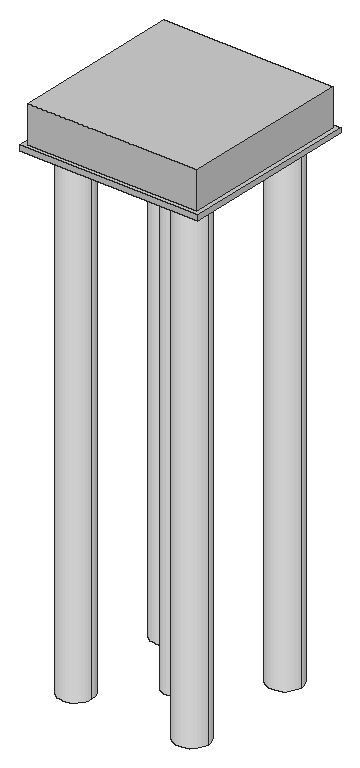
Revit family "BS_FM_Đài Móng - 5 cọc", category Structural Foundations, Revit 2019
Family settings
  Material for Model Behavior = Concrete
  Cap = No
  OmniClass Number = 23.25.05.11
  OmniClass Title = Foundation Piles
  Work Plane-Based = No
  Always vertical = Yes
  Cut with Voids When Loaded = No
  Shared = No
Parameters (values of type "1000 x 1000 x 900mm")
  h_BaoVe [instance] = 120 mm
  a2_BaoVe [instance] = 100 mm
  a1_BaoVe [instance] = 100 mm
  Width = B + 2 * KhoangCachMepCoc + Diameter  # 4128.427 mm
  Structural Material [instance] = Concrete, Cast-in-Place gray
  Length = B + 2 * KhoangCachMepCoc + Diameter  # 4128.427 mm
  KhoangCachMepCoc = 250 mm
  KhoangCach2TimCoc = HeSoCoc * Diameter  # 2000 mm
  HeSoCoc = 2.5
  Foundation Thickness = 900 mm
  Diameter = 800 mm
  Depth = 12000 mm
  Cut-off = 150 mm
  BS_Cọc Vuông = no
  BS_Cọc Tròn = yes
  BS_BeTongMong = @BS-BeTongCotThep
  BS_BeTongLot = @BS-BeTong
  BS_BeTongCoc = Steel, 45-345
  B = 2 * KhoangCach2TimCoc * cos(45.00°)  # 2828.427 mm
  Assembly Code = "A1010130"
Reference planes
  plane 1 "Center (Front/Back)": y = 0
  plane 2: z = 0
  plane 3 "Center (Left/Right)": x = 0
  plane 4: x = -2064.214
  plane 5: x = 2064.214
  plane 6: y = 2064.214
  plane 7: y = -2064.214
  plane 8: z = -900
  plane 9: z = -750
  plane 10: z = -1020
  plane 11: y = 1414.214
  plane 12: y = -1414.214
  plane 13 "2": x = -1414.214
  plane 14 "3": x = 1414.214
Forms (mm)
  Extrusion 1, solid, material "@BS-BeTongCotThep" <- "BS_BeTongMong"
    sketch origin (0, 0, 0) x (1, 0, 0) y (0, 1, 0)
      loop
        line (-2064.214, 2064.214) -> (-2064.214, -2064.214) -> (2064.214, -2064.214) -> (2064.214, 2064.214) -> (-2064.214, 2064.214)
    from -900 to 0
  Extrusion 2, solid, material "@BS-BeTong" <- "BS_BeTongLot"
    sketch origin (0, 0, 0) x (1, 0, 0) y (0, 1, 0)
      loop
        line (-2164.214, 2164.214) -> (-2164.214, -2164.214) -> (2164.214, -2164.214) -> (2164.214, 2164.214) -> (-2164.214, 2164.214)
    from -1020 to -900
Dimensions and locks
  "Foundation Thickness": plane 2 to plane 8
  "Cut-off": plane 9 to plane 8
  "a2_BaoVe": plane 7 to Extrusion 2 sketch curve
  "a2_BaoVe": Extrusion 2 sketch curve to plane 6
  "a1_BaoVe": Extrusion 2 sketch curve to plane 4
  "a1_BaoVe": Extrusion 1 to Extrusion 2 sketch curve
  "h_BaoVe": plane 10 to plane 8
  equal spacing: plane 11, plane 1 "Center (Front/Back)", plane 12
  equal spacing: plane 7, plane 1 "Center (Front/Back)", plane 6
  equal spacing: plane 13 "2", plane 3 "Center (Left/Right)", plane 14 "3"
  equal spacing: plane 4, plane 3 "Center (Left/Right)", plane 5
  "B": plane 11 to plane 12
  "B": plane 13 "2" to plane 14 "3"
  "Width": plane 4 to plane 5
  "Length": plane 6 to plane 7
  aligned and locked: plane 4 to Extrusion 1 sketch curve
  aligned and locked: Extrusion 1 sketch curve to plane 5
  aligned and locked: Extrusion 1 sketch curve to plane 6
  aligned and locked: plane 7 to Extrusion 1 sketch curve
  aligned and locked: level to Extrusion 1
  aligned and locked: Extrusion 1 to plane 8
  aligned and locked: Extrusion 2 to Extrusion 1
  aligned and locked: Extrusion 2 to plane 10
  aligned and locked: nested 1 to plane 11
  aligned and locked: plane 13 "2" to nested 1
  aligned and locked: plane 14 "3" to nested 3
  aligned and locked: nested 3 to plane 11
  aligned and locked: plane 14 "3" to nested 4
  aligned and locked: nested 4 to plane 12
  aligned and locked: nested 2 to plane 12
  aligned and locked: plane 13 "2" to nested 2
  aligned and locked: plane 3 "Center (Left/Right)" to nested 5
  aligned and locked: plane 1 "Center (Front/Back)" to nested 5
  aligned and locked: nested 6 to plane 8
  aligned and locked: nested 7 to plane 8
  aligned and locked: plane 8 to nested 10
  aligned and locked: plane 8 to nested 8
  aligned and locked: plane 8 to nested 9
  aligned and locked: nested 6 to plane 11
  aligned and locked: nested 8 to plane 11
  aligned and locked: nested 7 to plane 12
  aligned and locked: nested 9 to plane 12
  aligned and locked: plane 1 "Center (Front/Back)" to nested 10
  aligned and locked: plane 13 "2" to nested 7
  aligned and locked: plane 13 "2" to nested 6
  aligned and locked: plane 14 "3" to nested 8
  aligned and locked: plane 14 "3" to nested 9
  aligned and locked: plane 3 "Center (Left/Right)" to nested 10
  aligned and locked: plane 8 to nested 1
  aligned and locked: plane 8 to nested 3
  aligned and locked: plane 8 to nested 5
  aligned and locked: nested 2 to plane 8
  aligned and locked: nested 4 to plane 8
Nested families
  nested 1: "BS_FM_Pile-Cọc Tròn" at (-1414.214, 1414.214, -900), Minimum Embedment <- "Cut-off", Diameter <- "Diameter", Depth <- "Depth", Structural Material <- "BS_BeTongCoc", visible <- "BS_Cọc Tròn", type "300mm Diameter"
    with Structural Material Steel, 45-345, Radius 400 mm, Minimum Embedment 150 mm, Diameter 800 mm, Depth 12000 mm
  nested 2: "BS_FM_Pile-Cọc Tròn" at (-1414.214, -1414.214, -900), Minimum Embedment <- "Cut-off", Diameter <- "Diameter", Depth <- "Depth", Structural Material <- "BS_BeTongCoc", visible <- "BS_Cọc Tròn", type "300mm Diameter"
    with Structural Material Steel, 45-345, Radius 400 mm, Minimum Embedment 150 mm, Diameter 800 mm, Depth 12000 mm
  nested 3: "BS_FM_Pile-Cọc Tròn" at (1414.214, 1414.214, -900), Minimum Embedment <- "Cut-off", Diameter <- "Diameter", Depth <- "Depth", Structural Material <- "BS_BeTongCoc", visible <- "BS_Cọc Tròn", type "300mm Diameter"
    with Structural Material Steel, 45-345, Radius 400 mm, Minimum Embedment 150 mm, Diameter 800 mm, Depth 12000 mm
  nested 4: "BS_FM_Pile-Cọc Tròn" at (1414.214, -1414.214, -900), Minimum Embedment <- "Cut-off", Diameter <- "Diameter", Depth <- "Depth", Structural Material <- "BS_BeTongCoc", visible <- "BS_Cọc Tròn", type "300mm Diameter"
    with Structural Material Steel, 45-345, Radius 400 mm, Minimum Embedment 150 mm, Diameter 800 mm, Depth 12000 mm
  nested 5: "BS_FM_Pile-Cọc Tròn" at (0, 0, -900), Minimum Embedment <- "Cut-off", Diameter <- "Diameter", Depth <- "Depth", Structural Material <- "BS_BeTongCoc", visible <- "BS_Cọc Tròn", type "300mm Diameter"
    with Structural Material Steel, 45-345, Radius 400 mm, Minimum Embedment 150 mm, Diameter 800 mm, Depth 12000 mm
  nested 6: "BS_FM_Pile-Cọc Vuông" at (-1414.214, 1414.214, -900), Minimum Embedment <- "Cut-off", Diameter <- "Diameter", Depth <- "Depth", Structural Material <- "BS_BeTongCoc", visible <- "BS_Cọc Vuông", type "250mm Diameter"
    with Structural Material Steel, 45-345, Radius 400 mm, Minimum Embedment 150 mm, Diameter 800 mm, Depth 12000 mm
  nested 7: "BS_FM_Pile-Cọc Vuông" at (-1414.214, -1414.214, -900), Minimum Embedment <- "Cut-off", Diameter <- "Diameter", Depth <- "Depth", Structural Material <- "BS_BeTongCoc", visible <- "BS_Cọc Vuông", type "250mm Diameter"
    with Structural Material Steel, 45-345, Radius 400 mm, Minimum Embedment 150 mm, Diameter 800 mm, Depth 12000 mm
  nested 8: "BS_FM_Pile-Cọc Vuông" at (1414.214, 1414.214, -900), Minimum Embedment <- "Cut-off", Diameter <- "Diameter", Depth <- "Depth", Structural Material <- "BS_BeTongCoc", visible <- "BS_Cọc Vuông", type "250mm Diameter"
    with Structural Material Steel, 45-345, Radius 400 mm, Minimum Embedment 150 mm, Diameter 800 mm, Depth 12000 mm
  nested 9: "BS_FM_Pile-Cọc Vuông" at (1414.214, -1414.214, -900), Minimum Embedment <- "Cut-off", Diameter <- "Diameter", Depth <- "Depth", Structural Material <- "BS_BeTongCoc", visible <- "BS_Cọc Vuông", type "250mm Diameter"
    with Structural Material Steel, 45-345, Radius 400 mm, Minimum Embedment 150 mm, Diameter 800 mm, Depth 12000 mm
  nested 10: "BS_FM_Pile-Cọc Vuông" at (0, 0, -900), Minimum Embedment <- "Cut-off", Diameter <- "Diameter", Depth <- "Depth", Structural Material <- "BS_BeTongCoc", visible <- "BS_Cọc Vuông", type "250mm Diameter"
    with Structural Material Steel, 45-345, Radius 400 mm, Minimum Embedment 150 mm, Diameter 800 mm, Depth 12000 mm
Definition of nested family "BS_FM_Pile-Cọc Tròn"
  Parameters (values of type "600mm Diameter")
    Structural Material [instance] = none
    Radius [instance] = Diameter / 2  # 300 mm
    Minimum Embedment [instance] = 152 mm
    Diameter [instance] = 600 mm
    Depth [instance] = 6000 mm
    Assembly Code = "A1020130"
  Types (4): name
    600mm Diameter
    300mm Diameter
    400mm Diameter
    500mm Diameter
  Reference planes
    plane 1 "Center (Front/Back)": y = 0
    plane 2: z = 0
    plane 3 "Center (Left/Right)": x = 0
    plane 4: z = -6000
    plane 5: z = 152
  Forms (mm)
    Extrusion 1, solid, material <- "Structural Material"
      sketch origin (0, 0, 0) x (1, 0, 0) y (0, 1, 0)
        loop
          circle (0, 0) r 300
      from -6000 to 152
  Dimensions and locks
    "Depth": plane 2 to plane 4
    "Minimum Embedment": plane 5 to plane 2
    "Radius": radius of Extrusion 1 sketch curve
    aligned and locked: Extrusion 1 to plane 4
    aligned and locked: Extrusion 1 to plane 5
    aligned and locked: plane 1 "Center (Front/Back)" to nested 1
    aligned and locked: plane 3 "Center (Left/Right)" to nested 1
  Automatic sketch dimensions
    plane 1 "Center (Front/Back)" to Extrusion 1 sketch curve = 0 mm
    Extrusion 1 sketch curve to plane 3 "Center (Left/Right)" = 0 mm
  Nested families
    nested 1: "BS_LINE_TimCoc" at (0, 0, 0), type "BS_LINE_TimCoc"
      with LINE 700 mm, DK 600 mm
  Definition of nested family "BS_LINE_TimCoc"
    Parameters (values of type "BS_LINE_TimCoc")
      LINE = DK + 100 mm  # 780 mm
      DK = 680 mm
    Reference planes
      plane 1 "Center (Front/Back)": y = 0
      plane 2: z = 0
      plane 3 "Center (Left/Right)": x = 0
    Lines and regions (mm)
      detail lines, in view "Ref. Level", not visible
        curve 1: circle (0, 0, 0) r 340 normal (0, 0, 1)
      detail lines, in view "Ref. Level"
        curve 2: line (-390, 0, 0) -> (390, 0, 0)
        curve 3: line (0, 390, 0) -> (0, -390, 0)
    Dimensions and locks
      equal spacing: curve 2, plane 3 "Center (Left/Right)", curve 2
      equal spacing: curve 3, plane 1 "Center (Front/Back)", curve 3
      "LINE": curve 3 to curve 3
      "LINE": curve 2 to curve 2
      "DK": diameter of curve 1
    Automatic sketch dimensions
      curve 3 to plane 3 "Center (Left/Right)" = 0 mm
      plane 1 "Center (Front/Back)" to curve 1 = 0 mm
      curve 1 to plane 3 "Center (Left/Right)" = 0 mm
      plane 1 "Center (Front/Back)" to curve 2 = 0 mm
Definition of nested family "BS_FM_Pile-Cọc Vuông"
  Parameters (values of type "600mm Diameter")
    Structural Material [instance] = none
    Radius [instance] = Diameter / 2  # 125 mm
    Minimum Embedment [instance] = 150 mm
    Diameter [instance] = 250 mm
    Depth [instance] = 6000 mm
    Assembly Code = "A1020130"
  Types (6, lengths in mm): name | Radius | Diameter
    600mm Diameter | 125 | 250
    200mm Diameter | 300 | 600
    250mm Diameter | 300 | 600
    300mm Diameter | 300 | 600
    400mm Diameter | 300 | 600
    500mm Diameter | 300 | 600
  Reference planes
    plane 1 "Center (Front/Back)": y = 0
    plane 2: z = 0
    plane 3 "Center (Left/Right)": x = 0
    plane 4: z = -6000
    plane 5: z = 150
  Forms (mm)
    Extrusion 1, solid, material <- "Structural Material"
      sketch origin (0, 0, 0) x (1, 0, 0) y (0, 1, 0)
        loop
          line (-125, -125) -> (125, -125) -> (125, 125) -> (-125, 125) -> (-125, -125)
      from -6000 to 150
  Dimensions and locks
    "Depth": plane 2 to plane 4
    "Minimum Embedment": plane 5 to plane 2
    equal spacing: Extrusion 1 sketch curve, plane 3 "Center (Left/Right)", Extrusion 1 sketch curve
    "Diameter": Extrusion 1 sketch curve to Extrusion 1 sketch curve  (x2)
    equal spacing: Extrusion 1 sketch curve, plane 1 "Center (Front/Back)", Extrusion 1 sketch curve
    aligned and locked: Extrusion 1 to plane 4
    aligned and locked: Extrusion 1 to plane 5
    aligned and locked: plane 3 "Center (Left/Right)" to nested 1
    aligned and locked: plane 1 "Center (Front/Back)" to nested 1  (x2)
    aligned and locked: nested 1 to plane 3 "Center (Left/Right)"
  Nested families
    nested 1: "BS_Line_TimCoc" at (0, 0, 0), type "BS_Line_TimCoc"
      with LINE 350 mm, DK 250 mm
  Definition of nested family "BS_Line_TimCoc"
    Parameters (values of type "BS_Line_TimCoc")
      LINE = DK + 100 mm  # 780 mm
      DK = 680 mm
    Reference planes
      plane 1 "Center (Front/Back)": y = 0
      plane 2: z = 0
      plane 3 "Center (Left/Right)": x = 0
    Lines and regions (mm)
      detail lines, in view "Ref. Level", not visible
        curve 1: circle (0, 0, 0) r 340 normal (0, 0, 1)
      detail lines, in view "Ref. Level"
        curve 2: line (-390, 0, 0) -> (390, 0, 0)
        curve 3: line (0, 390, 0) -> (0, -390, 0)
    Dimensions and locks
      equal spacing: curve 2, plane 3 "Center (Left/Right)", curve 2
      equal spacing: curve 3, plane 1 "Center (Front/Back)", curve 3
      "LINE": curve 3 to curve 3
      "LINE": curve 2 to curve 2
      "DK": diameter of curve 1
    Automatic sketch dimensions
      curve 3 to plane 3 "Center (Left/Right)" = 0 mm
      plane 1 "Center (Front/Back)" to curve 1 = 0 mm
      curve 1 to plane 3 "Center (Left/Right)" = 0 mm
      plane 1 "Center (Front/Back)" to curve 2 = 0 mm
